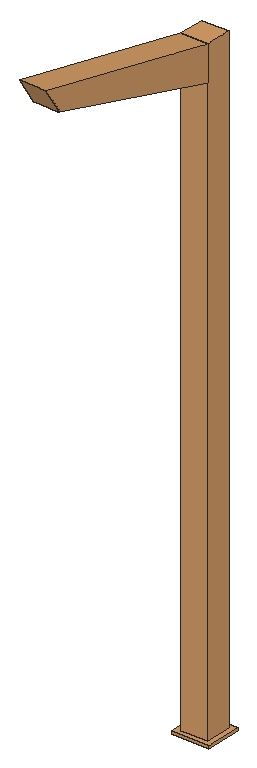
Revit family "K5", category Lighting Fixtures, host Face, Revit 2021
Family settings
  Host = Face
  Round Connector Dimension = Use Diameter
  Part Type = Normal
  OmniClass Number = 23.80.70.14
  OmniClass Title = Luminaries for External Lighting
  Cut with Voids When Loaded = No
  Light Source = No
  Shared = No
  Room Calculation Point = No
Parameters (values of type "K51")
  Voltage = 120 V
  URL = "https://www.currentlighting.com/aal"
  Product Page URL = ""
  Product Documentation Link = ""
  Photometric Web [instance] = Web K5 : K5X-T2-9040
  Model = "Kick Medium Scale"  # constant formula
  Material Finish [instance] = K5 Pole : K5-DBZ
  Manufacturer = "Architectural Area Lighting"  # constant formula
  Lamp = "LED Lamp"
  Lamp-4 = no
  Lamp-3 = no
  Lamp-2 = no
  Lamp-1 = yes
  Height = 10' - 0"
  Description = "Form follows Function” is the inspiration behind AAL’s breathtaking KicK™ luminaire. KicK™ is a contemporary, sleek, compact luminaire delivering an elegant, timeless form wrapped around precision cutoff optics for a truly elegant low glare pedestrian experience that re-defines architectural site lighting."  # constant formula
  Default Elevation = 4' - 0"
  Apparent Load = 0 VA
Types (5): name | Photometric Web | Material Finish | Lamp-4 | Lamp-3 | Lamp-2
  (no name) | Web K5 : K5X-T2-9040 | K5 Pole : K5-DBZ | no | no | no
  K54 | Web K5 : K5X-T2-9030 | K5 Pole : K5-AWT | yes | yes | yes
  K51 | Web K5 : K5X-T2-9040 | K5 Pole : K5-DBZ | no | no | no
  K52 | Web K5 : K5X-T2-9030 | K5 Pole : K5-AWT | no | yes | no
  K53 | Web K5 : K5X-T2-9030 | K5 Pole : K5-AWT | no | yes | yes
Reference planes (in)
  plane 1 "Center (Front/Back)": y = 0
  plane 2: z = 0
  plane 3 "Center (Left/Right)": x = 0
  plane 4: z = 0.5
  plane 5: x = -3
  plane 6: x = 3
  plane 7: x = 2
  plane 8: x = -2
  plane 9: z = 120
Dimensions and locks (in)
  locked: host sketch curve to host sketch curve at 48  (x2)
  equal spacing: host sketch curve, plane 3 "Center (Left/Right)", host sketch curve
  equal spacing: host sketch curve, plane 1 "Center (Front/Back)", host sketch curve
  plane 3 "Center (Left/Right)" to host sketch curve = 2' - 0"
  plane 1 "Center (Front/Back)" to host sketch curve = 2' - 0"
  locked: plane 4 to plane 2 at 0.5
  equal spacing: plane 5, plane 3 "Center (Left/Right)", plane 6
  locked: plane 5 to plane 6 at 6
  equal spacing: plane 8, plane 3 "Center (Left/Right)", plane 7
  locked: plane 5 to plane 8 at 1
  "Height": plane 9 to plane 2
  aligned and locked: plane 2 to host face
  aligned and locked: level to host face
  aligned and locked: plane 3 "Center (Left/Right)" to nested 1
  aligned and locked: plane 1 "Center (Front/Back)" to nested 1
  aligned and locked: nested 2 to nested 1  (x2)
  aligned and locked: nested 3 to nested 1  (x2)
  aligned and locked: nested 4 to nested 1  (x2)
  aligned and locked: nested 1 to nested 5
  aligned and locked: nested 5 to nested 1
Nested families (in)
  nested 1: "K5 Pole" at (0, 0, 0), Height <- "Height", type <- "Material Finish", Lamp-1 <- "Lamp-1", Lamp-2 <- "Lamp-2", Lamp-3 <- "Lamp-3", Lamp-4 <- "Lamp-4", type "K5-DBZ"
    with Lamp-4 no, Lamp-3 no, Lamp-2 no, Lamp-1 yes, Height 10' - 0"
  nested 2: "Web K5" at (21.42113, 0.23896, 118.89419) x (0, 1, 0) z (0.2848, 0, -0.9586), visible <- "Lamp-2", type <- "Photometric Web", type "K5X-T2-9040"
  nested 3: "Web K5" at (-0.23896, 21.42113, 118.89419) x (-1, 0, 0) z (0, 0.2848, -0.9586), type <- "Photometric Web", visible <- "Lamp-3", type "K5X-T2-9040"
  nested 4: "Web K5" at (-21.42113, -0.23896, 118.89419) x (0, -1, 0) z (-0.2848, 0, -0.9586), type <- "Photometric Web", visible <- "Lamp-4", type "K5X-T2-9040"
  nested 5: "Web K5" at (0.23896, -21.42113, 118.89419) x (1, 0, 0) z (0, -0.2848, -0.9586), type <- "Photometric Web", visible <- "Lamp-1", type "K5X-T2-9040"
Connectors (in)
  electrical at (0, 0, 0.5), driven by "Voltage", driven by "Description"
    settings: on nested 1, index 1, voltage 120 V, apparent load 0 VA, apparent load phase1 0 VA, apparent load phase2 0 VA, apparent load phase3 0 VA, power factor 1, load classification "Other", number of poles 1, system type 30, power factor state 1, is connector primary yes, connector utility no, sub classification motor no, connector description "Form follows Function” is the inspiration behind AAL’s breathtaking KicK™ luminaire. KicK™ is a contemporary, sleek, compact luminaire delivering an elegant, timeless form wrapped around precision cutoff optics for a truly elegant low glare pedestrian experience that re-defines architectural site lighting."
Definition of nested family "K5 Pole"
  Parameters
    Voltage = 0 V
    URL = ""
    Product Page URL = ""
    Product Documentation Link = ""
    Model = ""
    Manufacturer Phone = ""
    Manufacturer Fax = ""
    Manufacturer = ""
    Lamp-4 [instance] = yes
    Lamp-3 [instance] = yes
    Lamp-2 [instance] = yes
    Lamp-1 [instance] = yes
    Lamp = "LED Lamp"
    Height [instance] = 8' - 0"
    Glass = none
    Finish = none
    Description = ""
    Default Elevation = 4' - 0"
    Apparent Load = 0 VA
  Reference planes (in)
    plane 1 "Center (Front/Back)": y = 0
    plane 2: z = 0
    plane 3 "Center (Left/Right)": x = 0
    plane 4: z = 0.5
    plane 5: y = 3.5
    plane 6: y = -3.5
    plane 7: x = -3.5
    plane 8: x = 3.5
    plane 9: x = 2.5
    plane 10: x = -2.5
    plane 11: y = 2.5
    plane 12: y = -2.5
    plane 13: z = 96
  Forms (in)
    Extrusion 1, solid
      sketch origin (0, 0, 0) x (1, 0, 0) y (0, 1, 0)
        loop
          line (-24, 24) -> (-24, -24) -> (24, -24) -> (24, 24) -> (-24, 24)
      from 0 to -1.5
    Extrusion 2, solid, material <- "Finish"
      sketch origin (0, 0, 0) x (1, 0, 0) y (0, 1, 0)
        loop
          line (-3.5, 3.5) -> (-3.5, -3.5) -> (3.5, -3.5) -> (3.5, 3.5) -> (-3.5, 3.5)
      from 0 to 0.5
    Extrusion 3, solid, material <- "Finish"
      sketch origin (0, 0, 0) x (1, 0, 0) y (0, 1, 0)
        loop
          line (-2.5, 2.5) -> (-2.5, -2.5) -> (2.5, -2.5) -> (2.5, 2.5) -> (-2.5, 2.5)
      from 0 to 96
  Cuts and joins
    joined: Extrusion 2, Extrusion 3
  Dimensions and locks (in)
    locked: Extrusion 1 sketch curve to Extrusion 1 sketch curve at 48  (x2)
    equal spacing: Extrusion 1 sketch curve, plane 3 "Center (Left/Right)", Extrusion 1 sketch curve
    equal spacing: Extrusion 1 sketch curve, plane 1 "Center (Front/Back)", Extrusion 1 sketch curve
    plane 3 "Center (Left/Right)" to Extrusion 1 sketch curve = 2' - 0"
    plane 1 "Center (Front/Back)" to Extrusion 1 sketch curve = 2' - 0"
    locked: plane 4 to plane 2 at 0.5
    equal spacing: plane 7, plane 3 "Center (Left/Right)", plane 8
    plane 7 to plane 8 = 0' - 7"
    equal spacing: plane 5, plane 1 "Center (Front/Back)", plane 6, locked at 3.5 each
    plane 5 to plane 6 = 0' - 7"
    plane 5 to plane 11 = 0' - 1"
    equal spacing: plane 11, plane 1 "Center (Front/Back)", plane 12, locked at 2.5 each
    plane 11 to plane 12 = 0' - 5"
    equal spacing: plane 10, plane 3 "Center (Left/Right)", plane 9
    plane 7 to plane 10 = 0' - 1"
    "Height": plane 13 to plane 2
    plane 10 to plane 9 = 0' - 5"
    aligned and locked: plane 2 to Extrusion 1
    aligned and locked: level to Extrusion 1
    aligned and locked: Extrusion 2 sketch curve to plane 5
    aligned and locked: plane 7 to Extrusion 2 sketch curve
    aligned and locked: plane 6 to Extrusion 2 sketch curve
    aligned and locked: Extrusion 2 sketch curve to plane 8
    aligned and locked: plane 4 to Extrusion 2
    aligned and locked: plane 13 to Extrusion 3
    aligned and locked: plane 1 "Center (Front/Back)" to nested 1
    aligned and locked: plane 13 to nested 1
    aligned and locked: Extrusion 3 sketch curve to plane 9
    aligned and locked: plane 12 to Extrusion 3 sketch curve
    aligned and locked: plane 10 to Extrusion 3 sketch curve
    aligned and locked: Extrusion 3 sketch curve to plane 11
    aligned and locked: nested 1 to nested 2
    aligned and locked: plane 13 to nested 2
    aligned and locked: nested 3 to plane 3 "Center (Left/Right)"
    aligned and locked: nested 1 to nested 3
    aligned and locked: nested 3 to nested 4
    aligned and locked: plane 13 to nested 4
  Nested families (in)
    nested 1: "K5 Side Mount" at (2.5, 0, 96) x (0, -1, 0) z (1, 0, 0), Finish <- "Finish", visible <- "Lamp-2", type "K5 Side Mount"
      with Glass none, Finish none
    nested 2: "K5 Side Mount" at (-2.5, 0, 96) x (0, 1, 0) z (-1, 0, 0), Finish <- "Finish", visible <- "Lamp-4", type "K5 Side Mount"
      with Glass none, Finish none
    nested 3: "K5 Side Mount" at (0, -2.5, 96) x (-1, 0, 0) z (0, -1, 0), Finish <- "Finish", visible <- "Lamp-1", type "K5 Side Mount"
      with Glass none, Finish none
    nested 4: "K5 Side Mount" at (0, 2.5, 96) x (1, 0, 0) z (0, 1, 0), Finish <- "Finish", visible <- "Lamp-3", type "K5 Side Mount"
      with Glass none, Finish none
  Definition of nested family "K5 Side Mount"
    Parameters
      Voltage = 0 V
      URL = ""
      Product Page URL = ""
      Product Documentation Link = ""
      Model = ""
      Manufacturer Phone = ""
      Manufacturer Fax = ""
      Manufacturer = "KIM Lighting"  # constant formula
      Lamp = "LED Lamp"
      Glass [instance] = none
      Finish [instance] = none
      Description = "Wide Directional-Downlights, 6 Inch Conoid Aperture"
      Default Elevation = 4' - 0"
      Apparent Load = 0 VA
    Reference planes (in)
      plane 1 "Center (Front/Back)": y = 0
      plane 2: z = 0
      plane 3 "Center (Left/Right)": x = 0
      plane 4: x = -2.5
      plane 5: x = 2.5
      plane 6: z = 38.6
      plane 7: x = -2.25
      plane 8: x = 2.25
      plane 9: y = 6.8
      plane 10: y = -8.9
      plane 11: y = -6.15
      plane 12: z = 35.85
      plane 13: z = 35.35
      plane 14: z = 1
      plane 15: through (0, -6.16018, 29.13872) normal (0, -0.9401, -0.3409)
      plane 16: through (0, -2.31352, 30.42927) normal (0, -0.9586, -0.2848)
      plane 17: through (0, -2.85042, 30.48075) normal (0, -0.9586, -0.2848)
      plane 18: through (0, 2.51855, 1) normal (0, 0.968, 0.2509)
      plane 19: through (0, 1.37232, -5.95187) normal (0, 0.9744, 0.2247)
      plane 20: through (0, -8.9, 38.6) normal (0, -0.5356, -0.8445)
      plane 21: through (0, -1.90301, 18.06886) normal (0, 0.2848, -0.9586)
    Forms (in)
      Extrusion 1, solid
        sketch origin (0, 0, 0) x (1, 0, 0) y (0, 1, 0)
          loop
            line (-24, 24) -> (-24, -24) -> (24, -24) -> (24, 24) -> (-24, 24)
        from 0 to -1.5
      Extrusion 2, solid, material <- "Finish"
        sketch origin (0, 0, 0) x (0, 1, 0) y (0, 0, 1)
          loop
            line (-8.9, 38.6) -> (0, 0) -> (6.7277, 0) -> (-3.77558, 35.35) -> (-8.9, 38.6)
        from -2.5 to 2.5
      Extrusion 3, void
        sketch origin (0, 0, 0) x (0, 1, 0) y (0, 0, 1)
          loop
            line (6.43058, 1) -> (-3.77558, 35.35) -> (-6.38359, 35.35) -> (2.51855, 1) -> (6.43058, 1)
        from -2.25 to 2.25
      Extrusion 4, solid, material <- "Glass"
        sketch origin (0, 3.40583, 1.7723) x (0, 1, 0) y (0, 0, 1)
          loop
            line (-7.18141, 33.5777) -> (-7.70301, 33.5777) -> (2.50314, -0.7723) -> (3.02475, -0.7723) -> (-7.18141, 33.5777)
        from -2.25 to 2.25
    Cuts and joins
      Extrusion 3 cuts Extrusion 2
    Lines and regions (in)
      reference lines
        curve 1: line (0, 2.18156, 19.28248) -> (0, -6.53062, 16.69389)
    Dimensions and locks (in)
      locked: Extrusion 1 sketch curve to Extrusion 1 sketch curve at 48  (x2)
      equal spacing: Extrusion 1 sketch curve, plane 3 "Center (Left/Right)", Extrusion 1 sketch curve
      equal spacing: Extrusion 1 sketch curve, plane 1 "Center (Front/Back)", Extrusion 1 sketch curve
      plane 3 "Center (Left/Right)" to Extrusion 1 sketch curve = 2' - 0"
      plane 1 "Center (Front/Back)" to Extrusion 1 sketch curve = 2' - 0"
      equal spacing: plane 5, plane 3 "Center (Left/Right)", plane 4, locked at 2.5 each
      locked: plane 5 to plane 4 at 5
      locked: plane 6 to plane 2 at 38.6  (x2)
      equal spacing: plane 8, plane 3 "Center (Left/Right)", plane 7
      locked: plane 7 to plane 4 at 0.25
      plane 9 to plane 1 "Center (Front/Back)" to plane 10 = 0' - 6.8" locked, 0' - 8.9" locked
      locked: plane 6 to plane 12 at 2.75
      locked: plane 11 to plane 10 at 2.75
      locked: plane 14 to plane 2 at 1
      locked: plane 12 to plane 13 at 0.5
      locked: plane 17 to plane 16 at 0.5
      plane 9 to plane 10 = 1' - 3.7"
      locked: Extrusion 1 to plane 16 (angle 73.4521°)
      locked: Extrusion 1 to plane 18 (angle 75.4709°)
      locked: plane 2 to plane 19 (angle 77.0162°)
      locked: Extrusion 1 to plane 20 (angle 32.3836°)
      locked: plane 16 to plane 21 (angle 90.00°)
      aligned and locked: plane 2 to Extrusion 1
      aligned and locked: level to Extrusion 1
      aligned and locked: Extrusion 2 to plane 4
      aligned and locked: Extrusion 2 to plane 5
      aligned and locked: Extrusion 4 to plane 7
      aligned and locked: plane 8 to Extrusion 4
      aligned and locked: Extrusion 3 to plane 7
      aligned and locked: plane 8 to Extrusion 3
      aligned and locked: Extrusion 2 to plane 2
      aligned and locked: Extrusion 2 sketch curve to Extrusion 4
      aligned and locked: plane 18 to cut or joined group of Extrusion 2, Extrusion 3
      aligned and locked: plane 17 to Extrusion 4
      aligned and locked: Extrusion 4 to plane 16
      aligned and locked: plane 13 to Extrusion 3
      aligned and locked: plane 19 to cut or joined group of Extrusion 2, Extrusion 3
      aligned and locked: plane 19 to Extrusion 2 sketch curve
      aligned and locked: plane 20 to cut or joined group of Extrusion 2, Extrusion 3
      aligned and locked: plane 20 to Extrusion 2 sketch curve
      aligned and locked: plane 13 to Extrusion 4
      aligned and locked: plane 21 to curve 1
    Automatic sketch dimensions
      plane 13 to Extrusion 4 sketch curve = 0' - 0"
      Extrusion 4 sketch curve to plane 17 = 0' - 0"  (x2)
      Extrusion 4 sketch curve to plane 16 = 0' - 0"  (x2)
      plane 14 to Extrusion 4 sketch curve = 0' - 0"
      Extrusion 3 sketch curve to plane 13 = 0' - 0"
      Extrusion 3 sketch curve to plane 14 = 0' - 0"
      Extrusion 3 sketch curve to plane 10 = 0' - 2.51641"
      Extrusion 3 sketch curve to plane 1 "Center (Front/Back)" = 0' - 2.51855"
      plane 16 to Extrusion 3 sketch curve = 0' - 0"  (x2)
      Extrusion 2 sketch curve to level = 0' - 0"
      plane 11 to curve 1 = 0' - 0.38062"
      curve 1 to plane 1 "Center (Front/Back)" = 0' - 2.18156"
Definition of nested family "Web K5"
  Parameters
    Wattage Comments = "35-62W"
    Wattage = 55 W
    built-in parameter 1150110 = 1 (stored number, unit not read)
    URL = ""
    built-in parameter 1114217 = 1 (stored number, unit not read)
    Tilt Angle = -90.00°
    built-in parameter 1150109 = 1 (stored number, unit not read)
    built-in parameter 1150134 = (empty or 0)
    built-in parameter 1150113 = 1 (stored number, unit not read)
    Product Page URL = ""
    Product Documentation Link = ""
    Photometric Web File = "K5X-T2-9030.ies"
    Model = ""
    Manufacturer Phone = ""
    Manufacturer Fax = ""
    Manufacturer = "AAL Lighting"  # constant formula
    built-in parameter 1150105 = 354.12 (stored number, unit not read)
    Lumens = 4450.05 lm
    built-in parameter 1150115 = 1 (stored number, unit not read)
    built-in parameter 1150137 = (empty or 0)
    built-in parameter 1150139 = (empty or 0)
    built-in parameter 1150112 = 1 (stored number, unit not read)
    built-in parameter 1150114 = 1 (stored number, unit not read)
    Lamp = ""
    built-in parameter 1150132 = (empty or 0)
    built-in parameter 1150102 = (empty or 0)
    built-in parameter 1150107 = 3000 (stored number, unit not read)
    built-in parameter 1150138 = (empty or 0)
    built-in parameter 1150106 = 3.5412 (stored number, unit not read)
    Emit from Line Length = 0' - 2"
    built-in parameter 1150104 = 7.5168 (stored number, unit not read)
    Dimming Lamp Color Temperature Shift = (empty or 0)
    Description = ""
    Default Elevation = 4' - 0"
    Color Filter = 16777215
    built-in parameter 1114218 = 1 (stored number, unit not read)
    built-in parameter 1150133 = 10 (stored number, unit not read)
  Reference planes (in)
    plane 1 "Center (Front/Back)": y = 0.03999
    plane 2: z = 0
    plane 3 "Center (Left/Right)": x = -0.23896
  Forms (in)
    Extrusion 1, solid
      sketch origin (0, 0, 0.06357) x (1, 0, 0) y (0, 1, 0)
        loop
          line (-48, 48) -> (-48, -48) -> (48, -48) -> (48, 48) -> (-48, 48)
      from -0.06357 to -13.79058
  Lines and regions (in)
    reference lines
      curve 1: line (-0.23896, 0.03999, 18.11448) -> (-0.23896, 0.03999, -22.88552)
      curve 2: line (-0.23896, 0.03999, 34) -> (-0.23896, 0.03999, -22.88552)
  Dimensions and locks (in)
    aligned and locked: plane 2 to Extrusion 1
    aligned and locked: level to Extrusion 1
    aligned and locked: Extrusion 1 to imposter light
    aligned and locked: plane 3 "Center (Left/Right)" to imposter light
    aligned and locked: imposter light to plane 1 "Center (Front/Back)"
    aligned and locked: curve 1 to plane 3 "Center (Left/Right)"
    aligned and locked: plane 1 "Center (Front/Back)" to curve 2
